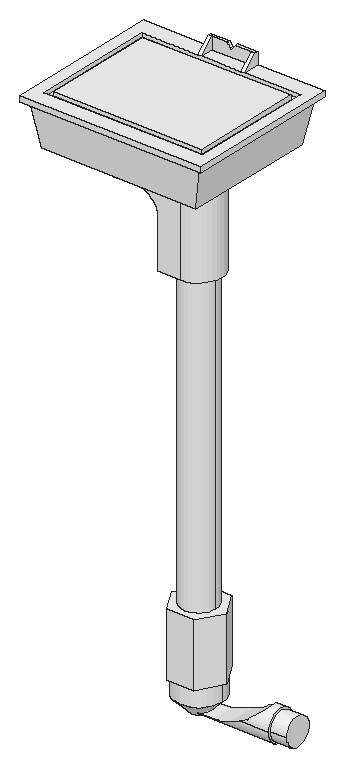
Revit family "Plumbing Fixture-Wall and Ground_Hydrant_Mifab_MHY-25", category Plumbing Fixtures, host Face, Revit 2013
Parameters (values of type "MHY-25-16")
  Wall Thikness = 16.000"
  WFU = 0
  URL = "www.mifab.com"
  Model = "MHY-25"
  Manufacturer = "MIFAB"
  Hydrant Material = Chrome Plated
  Description = "Encased Non-Freeze Wall Hydrant"
  Default Elevation = 0.000"
Types (11): name | Wall Thikness
  (no name) | 16.000"
  MHY-25-6 | 6.000"
  MHY-25-8 | 8.000"
  MHY-25-10 | 10.000"
  MHY-25-12 | 12.000"
  MHY-25-14 | 14.000"
  MHY-25-16 | 16.000"
  MHY-25-18 | 18.000"
  MHY-25-20 | 20.000"
  MHY-25-22 | 22.000"
  MHY-25-24 | 24.000"
Reference planes (in)
  plane 1 "Center (Front/Back)": y = 0
  plane 2: z = 0
  plane 3 "Center (Left/Right)": x = 0
  plane 4: z = -16.2
  plane 5: z = -19.711
  plane 6: z = -0.2
  plane 7: z = -1.95
  plane 8: z = -5.364
  plane 9: x = 0.966
Forms (in)
  Extrusion 1, solid, material "Chrome Plated" <- "Hydrant Material"
    sketch origin (-0.41379, 0, -10.36788) x (1, 0, 0) y (0, 1, 0)
      loop
        circle (1.38, 0) r 0.625
    from -5.83212 to 5.00388
  Extrusion 2, solid, material "Chrome Plated" <- "Hydrant Material"
    sketch origin (-0.41379, 0, -18.00514) x (1, 0, 0) y (0, 1, 0)
      loop
        line (-1.62512, 0.95206) -> (-1.62512, -0.95974) -> (2.64683, -0.95974) -> (2.64683, 0.95206) -> (-1.62512, 0.95206)
    from 16.74065 to 16.30514
  Extrusion 3, solid, material "Chrome Plated" <- "Hydrant Material"
    sketch origin (-0.41379, 0, -18.00514) x (1, 0, 0) y (0, 1, 0)
      loop
        arc (1.38, -0.8125) -> (2.1925, 0) -> (1.38, 0.8125) r 0.8125
        line (1.38, 0.8125) -> (1.38, -0.8125)
    from 12.64114 to 16.74065
  Extrusion 4, solid, material "Chrome Plated" <- "Hydrant Material"
    sketch origin (-0.41379, 0, -18.00514) x (1, 0, 0) y (0, 0, 1)
      loop
        line (-1.398, 16.30514) -> (-1.398, 16.00896) -> (-1.055, 15.96596) -> (-1.055, 15.1529) -> (-0.24047, 15.1529)
        arc (-0.24047, 15.1529) -> (0.31997, 14.92075) -> (0.55211, 14.36031) r 0.79258
        line (0.55211, 14.36031) -> (0.55211, 12.64114) -> (1.38, 12.64114) -> (1.38, 16.30514) -> (-1.398, 16.30514)
    from -0.8125 to 0.8125
  Extrusion 5, solid
    sketch origin (-0.41379, 0, -18.00514) x (1, 0, 0) y (0, 1, 0)
      loop
        circle (-0.38412, 0) r 0.739
    from 16.30514 to 16.37894
  Extrusion 6, solid
    sketch origin (-0.41379, 0, -18.00514) x (1, 0, 0) y (0, 1, 0)
      loop
        circle (-0.38412, 0) r 0.70723
    from 16.37894 to 16.74065
  Extrusion 7, solid
    sketch origin (-0.41379, 0, -18.00514) x (1, 0, 0) y (0, 1, 0)
      loop
        circle (-0.38412, 0) r 0.444
    from 16.74065 to 17.43692
  Extrusion 8, solid
    sketch origin (-0.41379, 0, -18.00514) x (1, 0, 0) y (0, 1, 0)
      loop
        line (0.7505, 0) -> (1.06525, -0.54516) -> (1.69475, -0.54516) -> (2.0095, 0) -> (1.69475, 0.54516) -> (1.06525, 0.54516) -> (0.7505, 0)
    from 16.30514 to 16.74065
  Extrusion 9, solid
    sketch origin (1.35033, 0, -18.00514) x (1, 0, 0) y (0, 1, 0)
      loop
        circle (-0.38412, 0) r 0.444
    from 16.74065 to 17.3299
  Extrusion 10, solid, material "Chrome Plated" <- "Hydrant Material"
    sketch origin (-0.61086, 0, -10.36788) x (1, 0, 0) y (0, 1, 0)
      loop
        line (-2.46414, 2.60866) -> (-2.46414, -2.60866) -> (3.68586, -2.60866) -> (3.68586, 2.60866) -> (-2.46414, 2.60866)
    from 10.16788 to 8.66788
  Extrusion 11, solid, material "Chrome Plated" <- "Hydrant Material"
    sketch origin (-0.41379, 0, -10.36788) x (1, 0, 0) y (0, 1, 0)
      loop
        line (-2.86121, 2.80866) -> (-2.86121, -2.80866) -> (3.68879, -2.80866) -> (3.68879, 2.80866) -> (-2.86121, 2.80866)
    from 10.16788 to 10.36788
  Extrusion 12, void
    sketch origin (-0.41379, 0, -10.36788) x (1, 0, 0) y (0, 0, 1)
      loop
        line (3.48879, 10.16788) -> (3.2243, 8.66788) -> (3.48879, 8.66788) -> (3.48879, 10.16788)
      loop
        line (-2.66121, 10.16788) -> (-2.66121, 8.66788) -> (-2.39672, 8.66788) -> (-2.66121, 10.16788)
    from -2.60866 to 2.60866
  Extrusion 13, void
    sketch origin (-0.41379, 0, -10.36788) x (0, 1, 0) y (0, 0, 1)
      loop
        line (2.60866, 10.16788) -> (2.34417, 8.66788) -> (2.60866, 8.66788) -> (2.60866, 10.16788)
      loop
        line (-2.60866, 10.16788) -> (-2.60866, 7.98238) -> (-2.34417, 7.98238) -> (-2.60866, 10.16788)
    from -2.66121 to 3.48879
  Extrusion 14, solid, material "Chrome Plated" <- "Hydrant Material"
    sketch origin (-10.41379, 0, -10.36788) x (0, 1, 0) y (0, 0, 1)
      loop
        circle (0, -8.79102) r 0.55209
    from 14.36303 to 11.5
  Extrusion 15, void
    sketch origin (-0.94551, 0, -10.42881) x (1, 0, 0) y (0, 0, 1)
      loop
        arc (2.03172, -9.10191) -> (3.49165, -8.89305) -> (4.71313, -8.06661) r 3.28544
        line (4.71313, -8.06661) -> (2.03172, -8.06661) -> (2.03172, -9.10191)
    from -0.8125 to 0.95974
  Extrusion 16, solid, material "Chrome Plated" <- "Hydrant Material"
    sketch origin (-0.95076, 0, -10.36788) x (0, 1, 0) y (0, 0, 1)
      loop
        circle (0, -8.79102) r 0.5
    from 4.9 to 5.5
  Revolve 17, solid, material "Chrome Plated" <- "Hydrant Material"
    sketch origin (0, 0, 0) x (1, 0, 0) y (0, 0, 1)
      loop
        line (0.98038, -16.2) -> (0.13816, -16.2) -> (0.13816, -19.15891) -> (0.69025, -19.711) -> (0.98038, -19.711) -> (0.98038, -16.2)
      axis (0.98038, -16.2) -> (0.98038, -19.711)
    angle from 0 to 360
  Extrusion 18, solid, material "Chrome Plated" <- "Hydrant Material"
    sketch origin (-8.22916, -180, -16.2) x (0, -1, 0) y (-1, 0, 0)
      loop
        line (-180.88671, -9.69718) -> (-179.96366, -10.2301) -> (-179.10612, -9.735) -> (-179.10612, -8.73898) -> (-180, -8.2229) -> (-180.88671, -8.73484) -> (-180.88671, -9.69718)
    from 0 to 2.29542
  Extrusion 19, solid, material "Chrome Plated" <- "Hydrant Material"
    sketch origin (-1.13208, 0.04295, -2.50134) x (1, 0, 0) y (0, 0, 1)
      loop
        line (0.2968, 2.50134) -> (1.9762, 2.50134) -> (1.9762, 2.93384) -> (1.28098, 2.93384) -> (1.13208, 2.73242) -> (0.96898, 2.93384) -> (0.2968, 2.93384) -> (0.2968, 2.50134)
    from -2.7657 to -2.6454
  Extrusion 20, solid, material "Chrome Plated" <- "Hydrant Material"
    sketch origin (-1.13208, 0.04295, -2.50134) x (0, 1, 0) y (0, 0, 1)
      loop
        line (2.6454, 2.93384) -> (2.17714, 2.50134) -> (2.6454, 2.50134) -> (2.6454, 2.93384)
    from 0.2968 to 0.4165
  Extrusion 21, solid, material "Chrome Plated" <- "Hydrant Material"
    sketch origin (1.13208, 0.04295, -2.50134) x (0, 1, 0) y (0, 0, -1)
      loop
        line (2.6454, -2.93384) -> (2.6454, -2.50134) -> (2.17714, -2.50134) -> (2.6454, -2.93384)
    from 0.28797 to 0.40767
  Extrusion 22, void
    sketch origin (0, 0, 0) x (1, 0, 0) y (0, 1, 0)
      loop
        line (-2.88203, 2.22009) -> (-2.88203, -2.22009) -> (2.88203, -2.22009) -> (2.88203, 2.22009) -> (-2.88203, 2.22009)
      loop
        line (-2.68203, 2.02009) -> (-2.68203, -2.02009) -> (2.68203, -2.02009) -> (2.68203, 2.02009) -> (-2.68203, 2.02009)
    from 0 to -0.13364
Cuts and joins
  Extrusion 12, Extrusion 13 cuts Extrusion 10
  Extrusion 22 cuts Extrusion 11
  Extrusion 15 cuts Extrusion 14
  joined: Extrusion 1, Extrusion 2, Extrusion 3, Extrusion 4, Extrusion 10, Extrusion 11, Extrusion 14, Extrusion 16, Revolve 17, Extrusion 18, Extrusion 19, Extrusion 20, Extrusion 21
Lines and regions (in)
  symbolic lines, style "PlumbingFixtures"
    curve 1: line (-3.38528, 2.8125, 0) -> (3.36472, 2.8125, 0)
    curve 2: line (-3.38528, -2.8125, 0) -> (-3.38528, 2.8125, 0)
    curve 3: line (3.36472, -2.8125, 0) -> (-3.38528, -2.8125, 0)
    curve 4: line (3.36472, 2.8125, 0) -> (3.36472, -2.8125, 0)
  symbolic lines
    curve 5: line (-3.38528, 2.8125, -16.2) -> (3.36472, 2.8125, -16.2)
    curve 6: line (-3.38528, -2.8125, -16.2) -> (-3.38528, 2.8125, -16.2)
    curve 7: line (3.36472, -2.8125, -16.2) -> (-3.38528, -2.8125, -16.2)
    curve 8: line (3.36472, 2.8125, -16.2) -> (3.36472, -2.8125, -16.2)
Dimensions and locks (in)
  locked: Extrusion 11 sketch curve to Extrusion 11 sketch curve at 5.61731
  locked: Extrusion 11 sketch curve to Extrusion 11 sketch curve at 6.55
  locked: Extrusion 11 to Extrusion 11 at 0.2
  Extrusion 15 sketch curve to Extrusion 15 sketch curve = 1.0353"
  Extrusion 11 sketch curve to Extrusion 11 sketch curve = 5.61731"
  locked: plane 4 to plane 5 at 3.511
  locked: Revolve 17 sketch curve to Revolve 17 sketch curve at 2.95891
  locked: Revolve 17 sketch curve to Revolve 17 sketch curve at 0.29013
  locked: plane 7 to plane 8 at 3.414
  locked: plane 6 to plane 8 at 5.164
  "Wall Thikness": plane 6 to plane 4
  curve 2 to curve 4 = 6.750"  (x2)
  curve 4 to curve 2 = 6.750"
  plane 3 "Center (Left/Right)" to plane 9 = 0.966"
  aligned and locked: plane 2 to host face
  aligned and locked: level to host face
  aligned and locked: Extrusion 4 to Extrusion 1
  aligned and locked: Extrusion 2 to Extrusion 10
  aligned and locked: Extrusion 11 to Extrusion 10
  aligned and locked: Extrusion 12 to Extrusion 10
  aligned and locked: Extrusion 13 to Extrusion 10
  aligned and locked: Extrusion 3 to Extrusion 1
  aligned and locked: Extrusion 4 to Extrusion 3
  aligned and locked: Extrusion 2 to Extrusion 3
  aligned and locked: Extrusion 11 to plane 6
  aligned and locked: Extrusion 5 to Extrusion 2
  aligned and locked: Extrusion 2 to Extrusion 8
  aligned and locked: Extrusion 5 to Extrusion 8
  aligned and locked: Extrusion 6 to Extrusion 5
  aligned and locked: Extrusion 6 to Extrusion 7
  aligned and locked: Extrusion 7 to Extrusion 8
  aligned and locked: Extrusion 6 to Extrusion 9
  aligned and locked: Extrusion 8 to Extrusion 6
  aligned and locked: plane 6 to Extrusion 11
  aligned and locked: level to Extrusion 11
  aligned and locked: Extrusion 15 to Extrusion 2
  aligned and locked: Extrusion 15 to Extrusion 3
  aligned and locked: Extrusion 1 to plane 4
  aligned and locked: Revolve 17 sketch curve to Revolve 17 sketch curve  (x2)
  aligned and locked: plane 4 to Revolve 17 sketch curve
  aligned and locked: Revolve 17 sketch curve to plane 5
  aligned and locked: Extrusion 3 to plane 8
  aligned and locked: host face to Extrusion 11
  aligned and locked: Extrusion 18 to Extrusion 15
  aligned and locked: host face to cut or joined group of Extrusion 1, Extrusion 2, Extrusion 3, Extrusion 4, Extrusion 10, Extrusion 11, Extrusion 12, Extrusion 13, Extrusion 14, Extrusion 15, Extrusion 16, Revolve 17, Extrusion 18, Extrusion 19, Extrusion 20, Extrusion 21, Extrusion 22
  aligned and locked: host face to Extrusion 6
  aligned and locked: Extrusion 4 to Extrusion 2
  aligned and locked: curve 5 to curve 1
  aligned and locked: curve 6 to curve 2
  aligned and locked: curve 7 to curve 3
  aligned and locked: curve 8 to curve 4
Automatic sketch dimensions
  host sketch curve to host sketch curve = 20.58785"
  host sketch curve to host sketch curve = 16.42037"
  plane 1 "Center (Front/Back)" to Extrusion 1 sketch curve = 0.000"
  plane 3 "Center (Left/Right)" to Extrusion 1 sketch curve = 0.96621"
  Extrusion 2 sketch curve to plane 1 "Center (Front/Back)" = 0.95206"
  Extrusion 2 sketch curve to plane 3 "Center (Left/Right)" = 2.03891"
  plane 1 "Center (Front/Back)" to Extrusion 2 sketch curve = 0.95974"
  plane 3 "Center (Left/Right)" to Extrusion 2 sketch curve = 2.23304"
  plane 3 "Center (Left/Right)" to Extrusion 3 sketch curve = 0.96621"
  plane 1 "Center (Front/Back)" to Extrusion 3 sketch curve = 0.8125"
  plane 1 "Center (Front/Back)" to Extrusion 3 sketch curve = 0.000"
  plane 1 "Center (Front/Back)" to Extrusion 5 sketch curve = 0.000"
  Extrusion 5 sketch curve to plane 3 "Center (Left/Right)" = 0.79791"
  plane 1 "Center (Front/Back)" to Extrusion 6 sketch curve = 0.000"
  Extrusion 6 sketch curve to plane 3 "Center (Left/Right)" = 0.79791"
  plane 1 "Center (Front/Back)" to Extrusion 7 sketch curve = 0.000"
  Extrusion 7 sketch curve to plane 3 "Center (Left/Right)" = 0.79791"
  plane 1 "Center (Front/Back)" to Extrusion 8 sketch curve = 0.000"  (x2)
  plane 3 "Center (Left/Right)" to Extrusion 8 sketch curve = 0.33671"
  plane 1 "Center (Front/Back)" to Extrusion 8 sketch curve = 0.54516"
  Extrusion 8 sketch curve to Extrusion 8 sketch curve = 0.31475"  (x3)
  Extrusion 8 sketch curve to plane 1 "Center (Front/Back)" = 0.54516"
  Extrusion 8 sketch curve to Extrusion 8 sketch curve = 0.6295"  (x2)
  plane 1 "Center (Front/Back)" to Extrusion 9 sketch curve = 0.000"
  plane 3 "Center (Left/Right)" to Extrusion 9 sketch curve = 0.96621"
  Extrusion 10 sketch curve to plane 3 "Center (Left/Right)" = 3.075"
  plane 1 "Center (Front/Back)" to Extrusion 10 sketch curve = 2.60866"
  plane 3 "Center (Left/Right)" to Extrusion 10 sketch curve = 3.075"
  Extrusion 10 sketch curve to plane 1 "Center (Front/Back)" = 2.60866"
  Extrusion 11 sketch curve to plane 3 "Center (Left/Right)" = 3.275"
  plane 1 "Center (Front/Back)" to Extrusion 11 sketch curve = 2.80866"
  Extrusion 12 sketch curve to plane 6 = 0.000"  (x2)
  Extrusion 12 sketch curve to plane 3 "Center (Left/Right)" = 3.075"
  plane 7 to Extrusion 12 sketch curve = 0.250"  (x2)
  Extrusion 12 sketch curve to Extrusion 12 sketch curve = 0.26449"  (x2)
  plane 3 "Center (Left/Right)" to Extrusion 12 sketch curve = 2.81051"
  Extrusion 13 sketch curve to plane 6 = 0.000"  (x2)
  plane 1 "Center (Front/Back)" to Extrusion 13 sketch curve = 2.60866"
  Extrusion 13 sketch curve to plane 7 = 0.43551"
  Extrusion 13 sketch curve to Extrusion 13 sketch curve = 0.26449"  (x2)
  plane 7 to Extrusion 13 sketch curve = 0.250"
  Extrusion 13 sketch curve to plane 1 "Center (Front/Back)" = 2.34417"
  Extrusion 14 sketch curve to plane 1 "Center (Front/Back)" = 0.000"
  plane 5 to Extrusion 14 sketch curve = 0.55209"
  plane 3 "Center (Left/Right)" to Extrusion 15 sketch curve = 1.08621"
  plane 5 to Extrusion 15 sketch curve = 0.18028"
  Extrusion 15 sketch curve to Extrusion 15 sketch curve = 2.68141"
  Extrusion 15 sketch curve to plane 4 = 0.05695"
  Extrusion 16 sketch curve to plane 1 "Center (Front/Back)" = 0.000"
  plane 5 to Extrusion 16 sketch curve = 0.55209"
  plane 3 "Center (Left/Right)" to Revolve 17 sketch curve = 0.13816"
  plane 3 "Center (Left/Right)" to Revolve 17 sketch curve = 0.69025"
  Revolve 17 sketch curve to plane 5 = 1.739"
  plane 1 "Center (Front/Back)" to Extrusion 18 sketch curve = 0.03634"
  plane 1 "Center (Front/Back)" to Extrusion 18 sketch curve = 0.000"
  Extrusion 18 sketch curve to plane 3 "Center (Left/Right)" = 0.00626"
  Extrusion 18 sketch curve to plane 1 "Center (Front/Back)" = 0.88671"
  plane 1 "Center (Front/Back)" to Extrusion 18 sketch curve = 0.89388"
  plane 3 "Center (Left/Right)" to Extrusion 18 sketch curve = 0.50568"
  plane 3 "Center (Left/Right)" to Extrusion 18 sketch curve = 0.50982"
  plane 9 to Extrusion 18 sketch curve = 0.53985"
  plane 9 to Extrusion 18 sketch curve = 0.50202"
  plane 9 to Extrusion 18 sketch curve = 1.03494"
  Extrusion 19 sketch curve to plane 3 "Center (Left/Right)" = 0.83528"
  level to Extrusion 19 sketch curve = 0.000"
  Extrusion 19 sketch curve to plane 3 "Center (Left/Right)" = 0.1631"
  Extrusion 19 sketch curve to plane 3 "Center (Left/Right)" = 0.000"
  plane 3 "Center (Left/Right)" to Extrusion 19 sketch curve = 0.1489"
  plane 3 "Center (Left/Right)" to Extrusion 19 sketch curve = 0.84411"
  Extrusion 19 sketch curve to Extrusion 19 sketch curve = 0.23109"
  Extrusion 19 sketch curve to Extrusion 19 sketch curve = 0.20141"  (x2)
  Extrusion 20 sketch curve to plane 1 "Center (Front/Back)" = 2.22009"
  level to Extrusion 20 sketch curve = 0.000"
  Extrusion 20 sketch curve to Extrusion 20 sketch curve = 0.46827"
  Extrusion 20 sketch curve to Extrusion 20 sketch curve = 0.4325"
  Extrusion 21 sketch curve to plane 1 "Center (Front/Back)" = 2.22009"
  Extrusion 21 sketch curve to plane 1 "Center (Front/Back)" = 2.68835"
  level to Extrusion 21 sketch curve = 0.4325"
  Extrusion 21 sketch curve to Extrusion 21 sketch curve = 0.4325"
  curve 3 to plane 3 "Center (Left/Right)" = 3.38528"
  plane 1 "Center (Front/Back)" to curve 3 = 2.8125"
  curve 2 to plane 1 "Center (Front/Back)" = 2.8125"
  Extrusion 22 sketch curve to plane 3 "Center (Left/Right)" = 2.88203"
  plane 1 "Center (Front/Back)" to Extrusion 22 sketch curve = 2.22009"
  plane 3 "Center (Left/Right)" to Extrusion 22 sketch curve = 2.88203"
  Extrusion 22 sketch curve to plane 1 "Center (Front/Back)" = 2.22009"
  Extrusion 22 sketch curve to Extrusion 22 sketch curve = 0.200"  (x4)
  Extrusion 4 sketch curve to plane 8 = 0.000"
  plane 7 to Extrusion 4 sketch curve = 0.250"
  Extrusion 4 sketch curve to plane 3 "Center (Left/Right)" = 1.81179"
  plane 3 "Center (Left/Right)" to Extrusion 4 sketch curve = 0.13832"
  Extrusion 4 sketch curve to plane 7 = 1.69483"
  Extrusion 4 sketch curve to Extrusion 4 sketch curve = 0.343"
  Extrusion 4 sketch curve to plane 3 "Center (Left/Right)" = 0.65426"
  plane 3 "Center (Left/Right)" to Extrusion 4 sketch curve = 0.96621"
  Extrusion 4 sketch curve to plane 7 = 0.08918"
  Extrusion 4 sketch curve to plane 7 = 0.04618"
  radius of Extrusion 1 sketch curve = 0.625"
  radius of Extrusion 5 sketch curve = 0.739"
  radius of Extrusion 6 sketch curve = 0.70723"
  radius of Extrusion 7 sketch curve = 0.444"
  radius of Extrusion 9 sketch curve = 0.444"
  radius of Extrusion 14 sketch curve = 0.55209"
  radius of Extrusion 16 sketch curve = 0.500"
Connectors (in)
  piping at (4.54924, 0, -19.15891)
    settings: on Extrusion 16, index 3, connector radius 1/2", flow factor 0, pipe flow 0 GPM, pressure drop 0.00 psi, fitting loss kfactor 0, connector angle 0.00°, fixture units 0, engagement length 0.000", flow configuration 0, flow direction 0, fitting loss method 0, system type 7, joint type 0, gender type 0, connector reference index -1, connector utility 0, adjustable connector no, is connector primary yes, fitting loss table "", connector description "Inlet"
